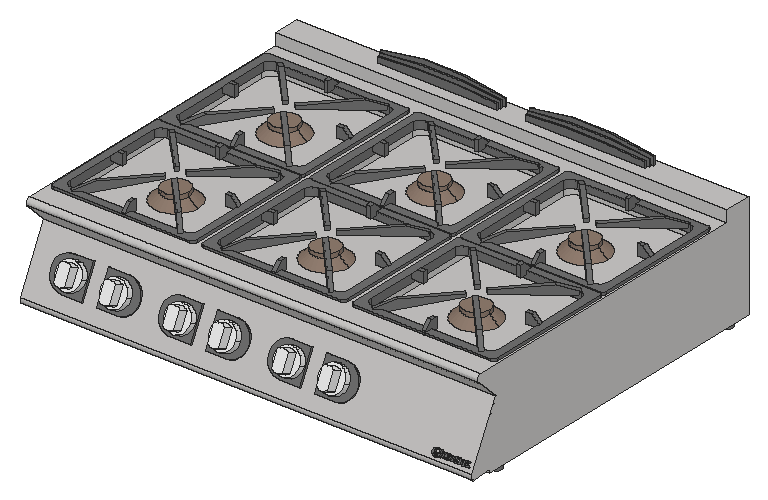
Revit family "QF_GIORIK_CG960T", category Specialty Equipment, Revit 2014 (continued)
Lines and regions (mm)
  symbolic lines, style "200-EquipInternal-2D"
    curve 189: line (1005.046, -450.697, 300.021) -> (1005.046, -432.937, 300.021)
    curve 190: line (995.046, -432.937, 300.021) -> (995.046, -450.697, 300.021)
    curve 191: line (995.046, -512.456, 300.021) -> (1005.046, -512.456, 300.021)
    curve 192: line (854.464, -494.697, 300.021) -> (983.382, -637.199, 300.021)
    curve 193: line (990.798, -630.491, 300.021) -> (867.949, -494.697, 300.021)
    curve 194: line (983.382, -637.199, 300.021) -> (990.798, -630.491, 300.021)
    curve 195: line (1009.295, -630.492, 300.021) -> (1016.711, -637.201, 300.021)
    curve 196: line (1132.148, -494.697, 300.021) -> (1009.295, -630.492, 300.021)
    curve 197: line (1016.711, -637.201, 300.021) -> (1145.633, -494.697, 300.021)
    curve 198: line (1009.296, -676.898, 300.021) -> (1132.152, -812.699, 300.021)
    curve 199: line (1145.637, -812.699, 300.021) -> (1016.712, -670.189, 300.021)
    curve 200: line (867.94, -812.699, 300.021) -> (990.796, -676.899, 300.021)
    curve 201: line (983.381, -670.19, 300.021) -> (854.455, -812.699, 300.021)
    curve 202: line (990.796, -676.899, 300.021) -> (983.381, -670.19, 300.021)
    curve 203: line (195.046, -494.697, 300.021) -> (195.046, -512.456, 300.021)
    curve 204: line (195.046, -512.456, 300.021) -> (205.046, -512.456, 300.021)
    curve 205: line (205.046, -432.937, 300.021) -> (195.046, -432.937, 300.021)
    curve 206: line (195.046, -432.937, 300.021) -> (195.046, -450.697, 300.021)
    curve 207: line (205.046, -450.697, 300.021) -> (205.046, -432.937, 300.021)
    curve 208: line (205.046, -494.697, 300.021) -> (205.046, -512.456, 300.021)
    curve 209: line (605.046, -450.697, 300.021) -> (605.046, -432.937, 300.021)
    curve 210: line (595.046, -432.937, 300.021) -> (595.046, -450.697, 300.021)
    curve 211: line (605.046, -432.937, 300.021) -> (595.046, -432.937, 300.021)
    curve 212: line (595.046, -494.697, 300.021) -> (595.046, -512.456, 300.021)
    curve 213: line (605.046, -512.456, 300.021) -> (605.046, -494.697, 300.021)
    curve 214: line (595.046, -512.456, 300.021) -> (605.046, -512.456, 300.021)
    curve 215: line (238, -17.695, 300.021) -> (568, -17.695, 300.021)
    curve 216: line (632, -17.695, 300.021) -> (962, -17.695, 300.021)
    curve 217: line (568, -14.695, 300.021) -> (238, -14.695, 300.021)
    curve 218: line (962, -14.695, 300.021) -> (632, -14.695, 300.021)
    curve 219: line (238, -14.695, 300.021) -> (238, -17.695, 300.021)
    curve 220: line (241, -24.695, 300.021) -> (241, -27.695, 300.021)
    curve 221: line (244, -34.695, 300.021) -> (244, -37.695, 300.021)
    curve 222: line (565, -24.695, 300.021) -> (241, -24.695, 300.021)
    curve 223: line (241, -27.695, 300.021) -> (565, -27.695, 300.021)
    curve 224: line (244, -37.695, 300.021) -> (562, -37.695, 300.021)
    curve 225: line (568, -17.695, 300.021) -> (568, -14.695, 300.021)
    curve 226: line (565, -27.695, 300.021) -> (565, -24.695, 300.021)
    curve 227: line (562, -34.695, 300.021) -> (244, -34.695, 300.021)
    curve 228: line (562, -37.695, 300.021) -> (562, -34.695, 300.021)
    curve 229: line (638, -34.695, 300.021) -> (638, -37.695, 300.021)
    curve 230: line (635, -24.695, 300.021) -> (635, -27.695, 300.021)
    curve 231: line (959, -24.695, 300.021) -> (635, -24.695, 300.021)
    curve 232: line (635, -27.695, 300.021) -> (959, -27.695, 300.021)
    curve 233: line (956, -34.695, 300.021) -> (638, -34.695, 300.021)
    curve 234: line (638, -37.695, 300.021) -> (956, -37.695, 300.021)
    curve 235: line (962, -17.695, 300.021) -> (962, -14.695, 300.021)
    curve 236: line (959, -27.695, 300.021) -> (959, -24.695, 300.021)
    curve 237: line (956, -37.695, 300.021) -> (956, -34.695, 300.021)
    curve 238: line (0, -69.995, 300.021) -> (1200, -69.995, 300.021)
    curve 239: arc (183.76, -260.717, 300.021) -> (200.047, -256.698, 300.021) -> (216.333, -260.718, 300.021) r 35
    curve 240: arc (224.47, -266.629, 300.021) -> (235.046, -291.699, 300.021) -> (224.469, -316.768, 300.021) r 35
    curve 241: arc (216.331, -322.678, 300.021) -> (200.047, -326.698, 300.021) -> (183.763, -322.679, 300.021) r 35
    curve 242: arc (175.624, -316.769, 300.021) -> (165.046, -291.699, 300.021) -> (175.622, -266.628, 300.021) r 35
    curve 243: arc (158.846, -335.316, 300.021) -> (140.046, -291.699, 300.021) -> (158.844, -248.081, 300.021) r 60
    curve 244: arc (166.676, -241.833, 300.021) -> (200.046, -231.698, 300.021) -> (233.417, -241.834, 300.021) r 60
    curve 245: arc (241.249, -248.082, 300.021) -> (260.046, -291.698, 300.021) -> (241.248, -335.314, 300.021) r 60
    curve 246: arc (233.415, -341.562, 300.021) -> (200.047, -351.698, 300.021) -> (166.678, -341.564, 300.021) r 60
    curve 247: line (30, -792.699, 300.021) -> (30, -514.697, 300.021)
    curve 248: line (63.919, -658.699, 300.021) -> (63.919, -648.699, 300.021)
    curve 249: line (30, -658.699, 300.021) -> (63.919, -658.699, 300.021)
    curve 250: line (63.919, -648.699, 300.021) -> (30, -648.699, 300.021)
    curve 251: line (336.172, -658.699, 300.021) -> (370, -658.699, 300.021)
    curve 252: line (336.172, -648.699, 300.021) -> (336.172, -658.699, 300.021)
    curve 253: line (370, -648.699, 300.021) -> (336.172, -648.699, 300.021)
    curve 254: line (430, -658.699, 300.021) -> (463.919, -658.699, 300.021)
    curve 255: line (463.919, -658.699, 300.021) -> (463.919, -648.699, 300.021)
    curve 256: line (463.919, -648.699, 300.021) -> (430, -648.699, 300.021)
    curve 257: line (1005, -792.939, 300.021) -> (995, -792.939, 300.021)
    curve 258: line (1005, -792.939, 300.021) -> (1005, -812.699, 300.021)
    curve 259: line (995, -812.699, 300.021) -> (995, -792.939, 300.021)
    curve 260: line (770, -658.699, 300.021) -> (736.172, -658.699, 300.021)
    curve 261: line (736.172, -658.699, 300.021) -> (736.172, -648.699, 300.021)
    curve 262: line (736.172, -648.699, 300.021) -> (770, -648.699, 300.021)
    curve 263: arc (583.75, -622.7, 300.021) -> (600.036, -618.699, 300.021) -> (616.314, -622.733, 300.021) r 35
    curve 264: arc (624.749, -628.95, 300.021) -> (634.999, -653.908, 300.021) -> (624.45, -678.742, 300.021) r 35
    curve 265: arc (616.32, -684.661, 300.021) -> (600.036, -688.698, 300.021) -> (583.744, -684.694, 300.021) r 35
    curve 266: arc (575.251, -678.447, 300.021) -> (565.001, -653.451, 300.021) -> (575.604, -628.602, 300.021) r 35
    curve 267: arc (558.821, -697.337, 300.021) -> (540, -653.695, 300.021) -> (558.826, -610.056, 300.021) r 60
    curve 268: arc (566.663, -603.812, 300.021) -> (600.035, -593.699, 300.021) -> (633.396, -603.852, 300.021) r 60
    curve 269: arc (641.385, -609.927, 300.021) -> (660.239, -653.696, 300.021) -> (641.389, -697.466, 300.021) r 60.239
    curve 270: arc (633.401, -703.542, 300.021) -> (600.035, -713.699, 300.021) -> (566.657, -703.581, 300.021) r 60
    curve 271: arc (183.764, -622.716, 300.021) -> (200.047, -618.699, 300.021) -> (216.329, -622.717, 300.021) r 35
    curve 272: arc (224.794, -628.95, 300.021) -> (235.045, -653.925, 300.021) -> (224.472, -678.766, 300.021) r 35
    curve 273: arc (216.334, -684.677, 300.021) -> (200.047, -688.699, 300.021) -> (183.759, -684.678, 300.021) r 35
    curve 274: arc (175.297, -678.447, 300.021) -> (165.046, -653.468, 300.021) -> (175.626, -628.625, 300.021) r 35
    curve 275: arc (158.842, -697.314, 300.021) -> (140.046, -653.695, 300.021) -> (158.847, -610.079, 300.021) r 60
    curve 276: arc (166.68, -603.831, 300.021) -> (200.047, -593.699, 300.021) -> (233.414, -603.833, 300.021) r 60
    curve 277: arc (241.246, -610.081, 300.021) -> (260.046, -653.696, 300.021) -> (241.25, -697.313, 300.021) r 60
    curve 278: arc (233.278, -703.407, 300.021) -> (200.046, -713.492, 300.021) -> (166.814, -703.408, 300.021) r 59.794
    curve 279: arc (1192.046, -122.695, 300.021) -> (1189.117, -115.624, 300.021) -> (1182.046, -112.695, 300.021) r 10
    curve 280: line (1182.046, -112.695, 300.021) -> (818.046, -112.695, 300.021)
    curve 281: arc (583.746, -260.701, 300.021) -> (600.036, -256.698, 300.021) -> (616.318, -260.734, 300.021) r 35
    curve 282: arc (624.749, -266.949, 300.021) -> (634.999, -291.909, 300.021) -> (624.447, -316.744, 300.021) r 35
    curve 283: arc (616.316, -322.662, 300.021) -> (600.036, -326.698, 300.021) -> (583.748, -322.696, 300.021) r 35
    curve 284: arc (575.251, -316.446, 300.021) -> (565.001, -291.452, 300.021) -> (575.601, -266.604, 300.021) r 35
    curve 285: arc (566.757, -241.922, 300.021) -> (600.035, -231.842, 300.021) -> (633.301, -241.961, 300.021) r 59.856
    curve 286: arc (641.228, -248.106, 300.021) -> (660, -291.698, 300.021) -> (641.227, -335.291, 300.021) r 60
    curve 287: arc (633.398, -341.543, 300.021) -> (600.035, -351.698, 300.021) -> (566.661, -341.583, 300.021) r 60
    curve 288: arc (558.825, -335.339, 300.021) -> (540, -291.699, 300.021) -> (558.823, -248.058, 300.021) r 60
    curve 289: line (1136.172, -277.698, 300.021) -> (1136.172, -287.698, 300.021)
    curve 290: line (1170, -658.699, 300.021) -> (1136.172, -658.699, 300.021)
    curve 291: line (1136.172, -658.699, 300.021) -> (1136.172, -648.699, 300.021)
    curve 292: line (1136.172, -648.699, 300.021) -> (1170, -648.699, 300.021)
    curve 293: line (830, -648.699, 300.021) -> (863.919, -648.699, 300.021)
    curve 294: line (863.919, -648.699, 300.021) -> (863.919, -658.699, 300.021)
    curve 295: line (863.919, -658.699, 300.021) -> (830, -658.699, 300.021)
    curve 296: arc (983.75, -622.7, 300.021) -> (1000.036, -618.699, 300.021) -> (1016.314, -622.733, 300.021) r 35
    curve 297: arc (966.663, -603.812, 300.021) -> (1000.036, -593.699, 300.021) -> (1033.396, -603.852, 300.021) r 60
    curve 298: arc (1024.749, -628.95, 300.021) -> (1034.999, -653.908, 300.021) -> (1024.45, -678.742, 300.021) r 35
    curve 299: arc (1042.426, -611.272, 300.021) -> (1059.994, -654.534, 300.021) -> (1041.229, -697.289, 300.021) r 60
    curve 300: arc (1016.32, -684.661, 300.021) -> (1000.036, -688.698, 300.021) -> (983.744, -684.694, 300.021) r 35
    curve 301: arc (1033.401, -703.542, 300.021) -> (1000.035, -713.699, 300.021) -> (966.657, -703.581, 300.021) r 60
    curve 302: arc (975.251, -678.447, 300.021) -> (965.001, -653.451, 300.021) -> (975.604, -628.602, 300.021) r 35
    curve 303: arc (957.574, -696.125, 300.021) -> (940.006, -652.825, 300.021) -> (958.826, -610.056, 300.021) r 60
    curve 304: arc (983.746, -260.701, 300.021) -> (1000.036, -256.698, 300.021) -> (1016.318, -260.734, 300.021) r 35
    curve 305: arc (1024.749, -266.949, 300.021) -> (1034.999, -291.909, 300.021) -> (1024.447, -316.744, 300.021) r 35
    curve 306: arc (1016.316, -322.662, 300.021) -> (1000.036, -326.698, 300.021) -> (983.748, -322.696, 300.021) r 35
    curve 307: arc (975.251, -316.446, 300.021) -> (965.001, -291.452, 300.021) -> (975.601, -266.604, 300.021) r 35
    curve 308: arc (966.659, -241.814, 300.021) -> (1000.035, -231.698, 300.021) -> (1033.399, -241.853, 300.021) r 60
    curve 309: arc (1042.426, -249.271, 300.021) -> (1059.994, -292.535, 300.021) -> (1041.226, -335.291, 300.021) r 60
    curve 310: arc (1033.398, -341.543, 300.021) -> (1000.035, -351.698, 300.021) -> (966.661, -341.583, 300.021) r 60
    curve 311: arc (957.574, -334.124, 300.021) -> (940.006, -290.827, 300.021) -> (958.823, -248.058, 300.021) r 60
Dimensions and locks
  plane 3 "Left" to plane 4 "Right" = 1200 mm
  plane 5 "Front" to plane 1 "Back" = 920 mm
  plane 6 "Top" to level = 300.021 mm
  aligned and locked: level to plane 2
Connectors
  piping at (50, -387.717, 5.033), diameter 25.4, driven by "Gas Size"
    settings: on Extrusion 2, index 1, connector inside diameter 24", connector length 0 mm, flow factor 0, pipe flow 0.0 L/s, pressure drop 0.0 Pa, fitting loss kfactor 0, connector angle 0.00°, fixture units 0, engagement length 0 mm, angle of deflection 0.00°, flow configuration 1, flow direction 1, fitting loss method 0, system type 22, joint type 0, gender type 0, connector reference index -1, connector utility 0, adjustable connector no, is connector primary yes, connector description "Gas inlet"
  piping at (50, -387.717, 5.033), diameter 25.4, driven by "Gas Size"
    settings: on Extrusion 19, index 2, connector inside diameter 24", connector length 0 mm, flow factor 0, pipe flow 0.0 L/s, pressure drop 0.0 Pa, fitting loss kfactor 0, connector angle 0.00°, fixture units 0, engagement length 0 mm, angle of deflection 0.00°, flow configuration 1, flow direction 1, fitting loss method 0, system type 22, joint type 0, gender type 0, connector reference index -1, connector utility 0, adjustable connector no, is connector primary no, connector description "Gas Inlet"
